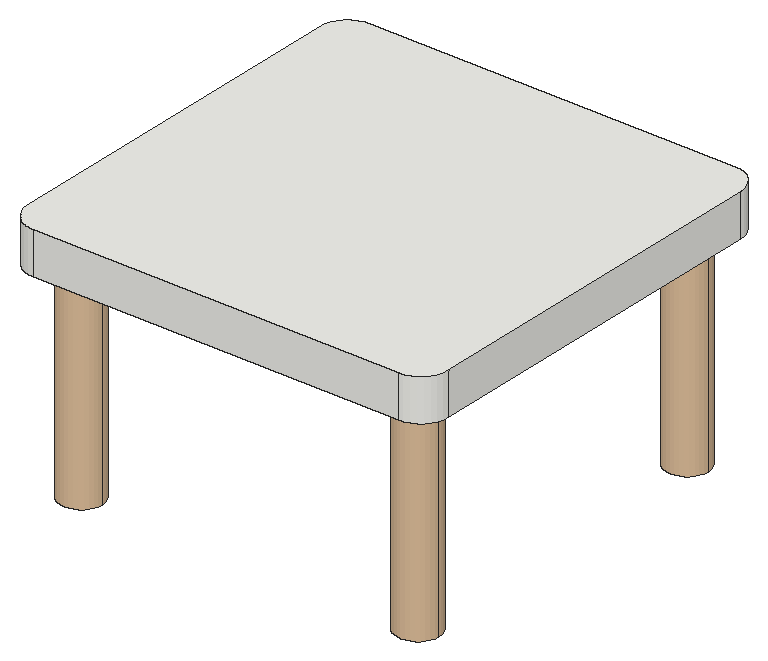
Revit family "Test family 1", category Furniture, Revit 2024
Family settings
  OmniClass Number = 23.40.20.14.17
  OmniClass Title = Residential Tables and Cabinets
  Work Plane-Based = No
  Enable Cutting in Views = No
  Always vertical = Yes
  Cut with Voids When Loaded = No
  Render Appearance Source = Family Geometry
  Shared = Yes
  Room Calculation Point = No
Parameters (values of type "0762 x 0762mm")
  Default Elevation = 0.00 mm
  Base Material = Wood - Birch
  Height = 457.00 mm
  Length = 762.00 mm
  Top Material = Laminate - Ivory, Matte
  Width = 762.00 mm
Types (4, lengths in mm): name | Height | Length | Width
  (no name) | 457.00 | 762.00 | 762.00
  0610 x 0160mm | 762.00 | 610.00 | 610.00
  0762 x 0762mm | 457.00 | 762.00 | 762.00
  0610 x 0915mm | 762.00 | 610.00 | 915.00
Reference planes
  plane 1: y = 152.4
  plane 2: z = 0
  plane 3 "Left": x = 3.734
  plane 4 "Right": x = 765.734
  plane 5 "Back": y = 533.4
  plane 6 "Front": y = -228.6
  plane 7: x = 384.734
Forms (mm)
  Extrusion 1, solid, material "Laminate - Ivory, Matte" <- "Top Material"
    sketch origin (0, 0, 0) x (1, 0, 0) y (0, 1, 0)
      loop
        line (54.534, -228.6) -> (714.934, -228.6)
        arc (714.934, -228.6) -> (750.855, -213.721) -> (765.734, -177.8) r 50.8
        line (765.734, -177.8) -> (765.734, 482.6)
        arc (765.734, 482.6) -> (750.855, 518.521) -> (714.934, 533.4) r 50.8
        line (714.934, 533.4) -> (54.534, 533.4)
        arc (54.534, 533.4) -> (18.613, 518.521) -> (3.734, 482.6) r 50.8
        line (3.734, 482.6) -> (3.734, -177.8)
        arc (3.734, -177.8) -> (18.613, -213.721) -> (54.534, -228.6) r 50.8
    from 380.8 to 457
  Extrusion 2, solid, material "Wood - Birch" <- "Base Material"
    sketch origin (0, 0, 0) x (1, 0, 0) y (0, 1, 0)
      loop
        circle (79.934, 457.2) r 38.1
      loop
        circle (79.934, -152.4) r 38.1
      loop
        circle (689.534, -152.4) r 38.1
      loop
        circle (689.534, 457.2) r 38.1
    from 0 to 380.8
Lines and regions (mm)
  Masking region 1
    outline origin (0, 0, 0) x (1, 0, 0) y (0, 1, 0)
      loop
        arc (54.534, 533.4) -> (18.613, 518.521) -> (3.734, 482.6) r 50.8
        line (3.734, 482.6) -> (3.734, -177.8)
        arc (3.734, -177.8) -> (18.613, -213.721) -> (54.534, -228.6) r 50.8
        line (54.534, -228.6) -> (714.934, -228.6)
        arc (714.934, -228.6) -> (750.855, -213.721) -> (765.734, -177.8) r 50.8
        line (765.734, -177.8) -> (765.734, 482.6)
        arc (765.734, 482.6) -> (750.855, 518.521) -> (714.934, 533.4) r 50.8
        line (714.934, 533.4) -> (54.534, 533.4)
Dimensions and locks
  locked: Extrusion 1 to Extrusion 1 at 76.2
  "Height": Extrusion 1 to plane 2
  locked: Extrusion 1 to Extrusion 2 sketch curve at 76.2  (x8)
  "Width": plane 5 "Back" to plane 6 "Front"
  "Length": plane 3 "Left" to plane 4 "Right"
  equal spacing: plane 5 "Back", plane 1, plane 6 "Front"
  equal spacing: plane 3 "Left", plane 7, plane 4 "Right"
  radius of Extrusion 1 sketch curve = 50.80 mm  (x4)
  aligned and locked: plane 2 to level
  aligned and locked: plane 6 "Front" to Extrusion 1 sketch curve
  aligned and locked: Extrusion 2 to Extrusion 1
  aligned and locked: Masking region 1 sketch curve to plane 5 "Back"
  aligned and locked: plane 3 "Left" to Masking region 1 sketch curve
  aligned and locked: plane 4 "Right" to Masking region 1 sketch curve
  aligned and locked: Masking region 1 sketch curve to plane 6 "Front"
  aligned: Masking region 1 sketch curve to Extrusion 1
Automatic sketch dimensions
  Extrusion 2 sketch curve to Extrusion 2 sketch curve = 38.10 mm  (x4)
  Extrusion 1 sketch curve to plane 3 "Left" = 0.00 mm
  Extrusion 1 sketch curve to plane 4 "Right" = 0.00 mm
  Extrusion 1 sketch curve to plane 5 "Back" = 0.00 mm
  plane 3 "Left" to Masking region 1 sketch curve = 50.80 mm  (x2)
  plane 4 "Right" to Masking region 1 sketch curve = 50.80 mm  (x2)
